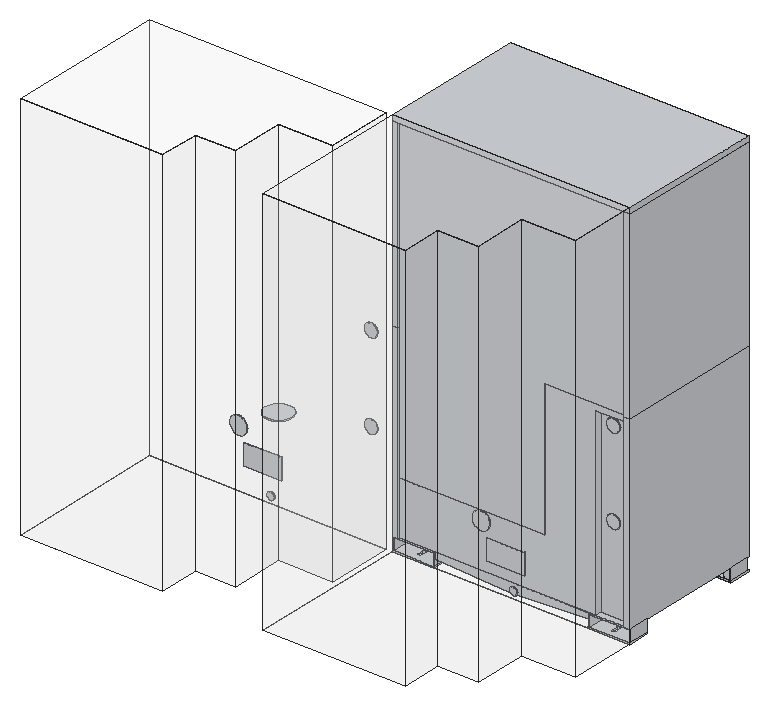
Revit family "pqhy-p224_1000(s)dmg9_60Hz", category 機械設備, Revit 2019 (continued)
Definition of nested family "outline_w"
  Forms (mm)
    Extrusion 1, solid, visible <- "OUTLINE表示", detail levels coarse+medium
      sketch origin (0, 0, 0) x (1, 0, 0) y (0, 1, 0)
        loop
          line (-440, 275) -> (-440, -275) -> (440, -275) -> (440, 275) -> (-440, 275)
      from 0 to 1100 <- "Height"
  Lines and regions (mm)
    model lines, not visible, detail levels fine
      curve 1: line (460, 178.667, 1289.179) -> (460, 297.73, 1289.179)
      curve 2: line (460, 178.667, 1056.056) -> (460, 178.667, 1289.179)
      curve 3: line (460, 297.73, 1056.056) -> (460, 178.667, 1056.056)
      curve 4: line (460, 297.73, 1289.179) -> (460, 297.73, 1056.056)
      curve 5: line (460, 47.598, 1289.179) -> (460, 166.661, 1289.179)
      curve 6: line (460, 47.598, 1056.056) -> (460, 47.598, 1289.179)
      curve 7: line (460, 166.661, 1056.056) -> (460, 47.598, 1056.056)
      curve 8: line (460, 166.661, 1289.179) -> (460, 166.661, 1056.056)
      curve 9: line (460, -83.471, 1289.179) -> (460, 35.592, 1289.179)
      curve 10: line (460, -83.471, 1056.056) -> (460, -83.471, 1289.179)
      curve 11: line (460, 35.592, 1056.056) -> (460, -83.471, 1056.056)
      curve 12: line (460, 35.592, 1289.179) -> (460, 35.592, 1056.056)
      curve 13: line (460, -150.779, 1289.179) -> (460, -95.75, 1289.179)
      curve 14: line (460, -150.779, 1056.056) -> (460, -150.779, 1289.179)
      curve 15: line (460, -95.75, 1056.056) -> (460, -150.779, 1056.056)
      curve 16: line (460, -95.75, 1289.179) -> (460, -95.75, 1056.056)
      curve 17: line (460, -150.779, 1283.175) -> (460, -132.596, 1283.175)
      curve 18: line (460, -150.779, 1062.059) -> (460, -150.779, 1283.175)
      curve 19: line (460, -132.596, 1062.059) -> (460, -150.779, 1062.059)
      curve 20: line (460, -132.596, 1283.175) -> (460, -132.596, 1062.059)
      curve 21: line (460, 178.667, 1046.051) -> (460, 297.73, 1046.051)
      curve 22: line (460, 178.667, 812.928) -> (460, 178.667, 1046.051)
      curve 23: line (460, 297.73, 812.928) -> (460, 178.667, 812.928)
      curve 24: line (460, 297.73, 1046.051) -> (460, 297.73, 812.928)
      curve 25: line (460, 47.598, 1046.051) -> (460, 166.661, 1046.051)
      curve 26: line (460, 47.598, 812.928) -> (460, 47.598, 1046.051)
      curve 27: line (460, 166.661, 812.928) -> (460, 47.598, 812.928)
      curve 28: line (460, 166.661, 1046.051) -> (460, 166.661, 812.928)
      curve 29: line (460, -83.471, 1046.051) -> (460, 35.592, 1046.051)
      curve 30: line (460, -83.471, 812.928) -> (460, -83.471, 1046.051)
      curve 31: line (460, 35.592, 812.928) -> (460, -83.471, 812.928)
      curve 32: line (460, 35.592, 1046.051) -> (460, 35.592, 812.928)
      curve 33: line (460, -150.779, 1046.051) -> (460, -95.75, 1046.051)
      curve 34: line (460, -150.779, 812.928) -> (460, -150.779, 1046.051)
      curve 35: line (460, -95.75, 812.928) -> (460, -150.779, 812.928)
      curve 36: line (460, -95.75, 1046.051) -> (460, -95.75, 812.928)
      curve 37: line (460, -150.779, 1040.048) -> (460, -132.596, 1040.048)
      curve 38: line (460, -150.779, 818.931) -> (460, -150.779, 1040.048)
      curve 39: line (460, -132.596, 818.931) -> (460, -150.779, 818.931)
      curve 40: line (460, -132.596, 1040.048) -> (460, -132.596, 818.931)
      curve 41: line (460, 178.667, 802.923) -> (460, 297.73, 802.923)
      curve 42: line (460, 178.667, 569.8) -> (460, 178.667, 802.923)
      curve 43: line (460, 297.73, 569.8) -> (460, 178.667, 569.8)
      curve 44: line (460, 297.73, 802.923) -> (460, 297.73, 569.8)
      curve 45: line (460, 47.598, 802.923) -> (460, 166.661, 802.923)
      curve 46: line (460, 47.598, 569.8) -> (460, 47.598, 802.923)
      curve 47: line (460, 166.661, 569.8) -> (460, 47.598, 569.8)
      curve 48: line (460, 166.661, 802.923) -> (460, 166.661, 569.8)
      curve 49: line (460, -83.471, 802.923) -> (460, 35.592, 802.923)
      curve 50: line (460, -83.471, 569.8) -> (460, -83.471, 802.923)
      curve 51: line (460, 35.592, 569.8) -> (460, -83.471, 569.8)
      curve 52: line (460, 35.592, 802.923) -> (460, 35.592, 569.8)
      curve 53: line (460, -150.779, 802.923) -> (460, -95.75, 802.923)
      curve 54: line (460, -150.779, 569.8) -> (460, -150.779, 802.923)
      curve 55: line (460, -95.75, 569.8) -> (460, -150.779, 569.8)
      curve 56: line (460, -95.75, 802.923) -> (460, -95.75, 569.8)
      curve 57: line (460, -150.779, 796.92) -> (460, -132.596, 796.92)
      curve 58: line (460, -150.779, 575.803) -> (460, -150.779, 796.92)
      curve 59: line (460, -132.596, 575.803) -> (460, -150.779, 575.803)
      curve 60: line (460, -132.596, 796.92) -> (460, -132.596, 575.803)
      curve 61: line (460, 178.667, 559.795) -> (460, 297.73, 559.795)
      curve 62: line (460, 178.667, 326.672) -> (460, 178.667, 559.795)
      curve 63: line (460, 297.73, 326.672) -> (460, 178.667, 326.672)
      curve 64: line (460, 297.73, 559.795) -> (460, 297.73, 326.672)
      curve 65: line (460, 47.598, 559.795) -> (460, 166.661, 559.795)
      curve 66: line (460, 47.598, 326.672) -> (460, 47.598, 559.795)
      curve 67: line (460, 166.661, 326.672) -> (460, 47.598, 326.672)
      curve 68: line (460, 166.661, 559.795) -> (460, 166.661, 326.672)
      curve 69: line (460, -83.471, 559.795) -> (460, 35.592, 559.795)
      curve 70: line (460, -83.471, 326.672) -> (460, -83.471, 559.795)
      curve 71: line (460, 35.592, 326.672) -> (460, -83.471, 326.672)
      curve 72: line (460, 35.592, 559.795) -> (460, 35.592, 326.672)
      curve 73: line (460, -150.779, 559.795) -> (460, -95.75, 559.795)
      curve 74: line (460, -150.779, 326.672) -> (460, -150.779, 559.795)
      curve 75: line (460, -95.75, 326.672) -> (460, -150.779, 326.672)
      curve 76: line (460, -95.75, 559.795) -> (460, -95.75, 326.672)
      curve 77: line (460, -150.779, 553.792) -> (460, -132.596, 553.792)
      curve 78: line (460, -150.779, 332.675) -> (460, -150.779, 553.792)
      curve 79: line (460, -132.596, 332.675) -> (460, -150.779, 332.675)
      curve 80: line (460, -132.596, 553.792) -> (460, -132.596, 332.675)
      curve 81: line (460, 178.667, 316.667) -> (460, 297.73, 316.667)
      curve 82: line (460, 178.667, 83.544) -> (460, 178.667, 316.667)
      curve 83: line (460, 297.73, 83.544) -> (460, 178.667, 83.544)
      curve 84: line (460, 297.73, 316.667) -> (460, 297.73, 83.544)
      curve 85: line (460, 47.598, 316.667) -> (460, 166.661, 316.667)
      curve 86: line (460, 47.598, 83.544) -> (460, 47.598, 316.667)
      curve 87: line (460, 166.661, 83.544) -> (460, 47.598, 83.544)
      curve 88: line (460, 166.661, 316.667) -> (460, 166.661, 83.544)
      curve 89: line (460, -83.471, 316.667) -> (460, 35.592, 316.667)
      curve 90: line (460, -83.471, 83.544) -> (460, -83.471, 316.667)
      curve 91: line (460, 35.592, 83.544) -> (460, -83.471, 83.544)
      curve 92: line (460, 35.592, 316.667) -> (460, 35.592, 83.544)
      curve 93: line (460, -150.779, 316.667) -> (460, -95.75, 316.667)
      curve 94: line (460, -150.779, 83.544) -> (460, -150.779, 316.667)
      curve 95: line (460, -95.75, 83.544) -> (460, -150.779, 83.544)
      curve 96: line (460, -95.75, 316.667) -> (460, -95.75, 83.544)
      curve 97: line (460, -150.779, 310.664) -> (460, -132.596, 310.664)
      curve 98: line (460, -150.779, 89.547) -> (460, -150.779, 310.664)
      curve 99: line (460, -132.596, 89.547) -> (460, -150.779, 89.547)
      curve 100: line (460, -132.596, 310.664) -> (460, -132.596, 89.547)
  Dimensions and locks
    "Depth": plane 4 to plane 5
    equal spacing: plane 4, plane 1 "中心(正面/背面)", plane 5
    "W": plane 6 to plane 14
    locked: plane 9 "本体下部" to plane 2 at 54
    plane 4 to plane 10 = 740.00 mm
    plane 11 "電源高さ" to level = 262.00 mm
    plane 8 to plane 7 = 303.00 mm
    plane 7 to plane 2 = 797.00 mm
    "Height": plane 8 to plane 2
    level to plane 12 "冷媒管高さ" = 262.00 mm
    locked: plane 9 "本体下部" to plane 13 "冷媒操作弁ガス芯4" at 1
    equal spacing: plane 6, plane 3 "中心(左/右)", plane 14
    plane 17 to level = 262.00 mm
  Automatic sketch dimensions
    plane 4 to Extrusion 1 sketch curve = 0.00 mm
    Extrusion 1 sketch curve to plane 6 = 0.00 mm
    Extrusion 1 sketch curve to plane 14 = 0.00 mm
    plane 5 to Extrusion 1 sketch curve = 0.00 mm
Types (20, lengths in mm): name | 音響パワーレベル(dB) | 電動機出力_圧縮機 | 運転質量 | 製品質量 | 熱源水量 | 消費電力_暖房 | 消費電力_冷房 | 消費電力 | 水熱交換機器　保有水量 | 最小電線太さ_mm2 | 最大電流値 | 暖房能力 | 損失水頭_熱源水一次側 | 推奨ブレーカー容量 | 冷媒液管径 | 冷媒ガス管径 | ユニット2 | 冷房能力 | 冷媒管径符号 | ユニット数 | ユニット2電源幅 | ユニット2ダクト左位置 | ユニット2水配管出口高さ | ユニット2水配管出口幅 | ユニット2水配管入口高さ | ユニット2水配管入口幅 | ユニット2冷媒液管径 | ユニット2冷媒管高さ | ユニット2冷媒管幅 | ユニット2冷媒管奥行き | ユニット2冷媒ガス管径 | ユニット2ドレン幅 | ユニット2表示 | ユニット1 | ユニット1電源幅 | ユニット1ダクト左位置 | ユニット1水配管出口高さ | ユニット1水配管出口幅 | ユニット1水配管入口高さ | ユニット1水配管入口幅 | ユニット1冷媒液管径 | ユニット1冷媒管高さ | ユニット1冷媒管幅 | ユニット1冷媒管奥行き | ユニット1冷媒ガス管径 | ユニット1ドレン幅 | モデル | URL | OUTLINE2 | OUTLINE1 | Height
  PQHY-P224DMG9 | 67 | 5.1 kW | 175.00 kg | 170.00 kg | 5.76 m³/h | 3.57 kW | 4.05 kW | 4.05 kW | 4.6 | 5.5 | 20 A | 25 kW | 24000.0 Pa | 30 A | 9.52 | 19.05 | PQHY-P-DMG② : PQHY-P400DMG9 | 22.4 kW | "Be" | 1 | 555.00 | 394.00 | 208.00 | 77.00 | 124.00 | 77.00 | 9.52 | 149.00 | 463.50 | 91.00 | 19.05 | 435.00 | no | PQHY-P-DMG① : PQHY-P224DMG9 | 555.00 | 394.00 | 208.00 | 77.00 | 124.00 | 77.00 | 9.52 | 149.00 | 463.50 | 91.00 | 19.05 | 435.00 | "PQHY-P224DMG9" | "https://www.mitsubishielectric.co.jp/ldg/wink/qr/002/332008/" | outline_w : outline_s | outline_w : outline_s | 1100.00
  PQHY-P280DMG9 | 68.5 | 7.1 kW | 175.00 kg | 170.00 kg | 5.76 m³/h | 5.43 kW | 6.46 kW | 6.46 kW | 4.6 | 8 | 31.9 A | 31.5 kW | 24000.0 Pa | 40 A | 9.52 | 22.20 | PQHY-P-DMG② : PQHY-P400DMG9 | 28 kW | "Bf" | 1 | 555.00 | 394.00 | 208.00 | 77.00 | 124.00 | 77.00 | 9.52 | 149.00 | 463.50 | 91.00 | 22.20 | 435.00 | no | PQHY-P-DMG① : PQHY-P280DMG9 | 555.00 | 394.00 | 208.00 | 77.00 | 124.00 | 77.00 | 9.52 | 149.00 | 463.50 | 91.00 | 22.20 | 435.00 | "PQHY-P280DMG9" | "https://www.mitsubishielectric.co.jp/ldg/wink/qr/002/332009/" | outline_w : outline_s | outline_w : outline_s | 1100.00
  PQHY-P335DMG9 | 72.5 | 7.9 kW | 175.00 kg | 170.00 kg | 5.76 m³/h | 6.42 kW | 7.59 kW | 7.59 kW | 4.6 | 14 | 37.5 A | 37.5 kW | 24000.0 Pa | 40 A | 9.52 | 22.20 | PQHY-P-DMG② : PQHY-P400DMG9 | 33.5 kW | "Bf" | 1 | 555.00 | 394.00 | 208.00 | 77.00 | 124.00 | 77.00 | 9.52 | 149.00 | 463.50 | 91.00 | 22.20 | 435.00 | no | PQHY-P-DMG① : PQHY-P335DMG9 | 555.00 | 394.00 | 208.00 | 77.00 | 124.00 | 77.00 | 9.52 | 149.00 | 463.50 | 91.00 | 22.20 | 435.00 | "PQHY-P335DMG9" | "https://www.mitsubishielectric.co.jp/ldg/wink/qr/002/332010/" | outline_w : outline_s | outline_w : outline_s | 1100.00
  PQHY-P400DMG9 | 71 | 9.5 kW | 250.00 kg | 245.00 kg | 11.52 m³/h | 6.97 kW | 8.65 kW | 8.65 kW | 9.2 | 14 | 42.7 A | 45 kW | 45000.0 Pa | 50 A | 12.70 | 25.40 | PQHY-P-DMG② : PQHY-P400DMG9 | 40 kW | "Cg" | 1 | 554.00 | 393.00 | 320.00 | 82.00 | 367.00 | 82.00 | 12.70 | 254.00 | 467.50 | 82.00 | 25.40 | 434.00 | no | PQHY-P-DMG② : PQHY-P400DMG9 | 554.00 | 393.00 | 320.00 | 82.00 | 367.00 | 82.00 | 12.70 | 254.00 | 467.50 | 82.00 | 25.40 | 434.00 | "PQHY-P400DMG9" | "https://www.mitsubishielectric.co.jp/ldg/wink/qr/002/332011/" | outline_w : outline_L | outline_w : outline_L | 1450.00
  PQHY-P450DMG9 | 71 | 10.2 kW | 250.00 kg | 245.00 kg | 11.52 m³/h | 7.05 kW | 9.37 kW | 9.37 kW | 9.2 | 14 | 46.3 A | 50 kW | 45000.0 Pa | 50 A | 12.70 | 28.58 | PQHY-P-DMG② : PQHY-P400DMG9 | 45 kW | "Ch" | 1 | 554.00 | 393.00 | 320.00 | 82.00 | 367.00 | 82.00 | 12.70 | 254.00 | 467.50 | 82.00 | 28.58 | 434.00 | no | PQHY-P-DMG② : PQHY-P450DMG9 | 554.00 | 393.00 | 320.00 | 82.00 | 367.00 | 82.00 | 12.70 | 254.00 | 467.50 | 82.00 | 28.58 | 434.00 | "PQHY-P450DMG9" | "https://www.mitsubishielectric.co.jp/ldg/wink/qr/002/332012/" | outline_w : outline_L | outline_w : outline_L | 1450.00
  PQHY-P500DMG9 | 71.5 | 12.3 kW | 250.00 kg | 245.00 kg | 11.52 m³/h | 8.73 kW | 11.9 kW | 11.9 kW | 9.2 | 22 | 58.8 A | 56 kW | 45000.0 Pa | 75 A | 15.88 | 28.58 | PQHY-P-DMG① : PQHY-P224DMG9 | 50 kW | "Dh" | 1 | 554.00 | 393.00 | 320.00 | 82.00 | 367.00 | 82.00 | 15.88 | 254.00 | 467.50 | 82.00 | 28.58 | 434.00 | no | PQHY-P-DMG② : PQHY-P500DMG9 | 554.00 | 393.00 | 320.00 | 82.00 | 367.00 | 82.00 | 15.88 | 254.00 | 467.50 | 82.00 | 28.58 | 434.00 | "PQHY-P500DMG9" | "https://www.mitsubishielectric.co.jp/ldg/wink/qr/002/332013/" | outline_w : outline_L | outline_w : outline_L | 1450.00
  PQHY-P560DMG9 | 72 | 13.3 kW | 250.00 kg | 245.00 kg | 11.52 m³/h | 9.93 kW | 13.9 kW | 13.9 kW | 9.2 | 22 | 64.7 A | 63 kW | 45000.0 Pa | 75 A | 15.88 | 28.58 | PQHY-P-DMG② : PQHY-P400DMG9 | 56 kW | "Dh" | 1 | 554.00 | 393.00 | 320.00 | 82.00 | 367.00 | 82.00 | 15.88 | 254.00 | 467.50 | 82.00 | 28.58 | 434.00 | no | PQHY-P-DMG② : PQHY-P560DMG9 | 554.00 | 393.00 | 320.00 | 82.00 | 367.00 | 82.00 | 15.88 | 254.00 | 467.50 | 82.00 | 28.58 | 434.00 | "PQHY-P560DMG9" | "https://www.mitsubishielectric.co.jp/ldg/wink/qr/002/332076/" | outline_w : outline_L | outline_w : outline_L | 1450.00
  PQHY-P630DMG9 | 73 | 16 kW | 250.00 kg | 245.00 kg | 11.52 m³/h | 11.8 kW | 16.6 kW | 16.6 kW | 9.2 | 22 | 64.7 A | 69 kW | 45000.0 Pa | 75 A | 15.88 | 28.58 | PQHY-P-DMG② : PQHY-P400DMG9 | 63 kW | "Dh" | 1 | 554.00 | 393.00 | 320.00 | 82.00 | 367.00 | 82.00 | 15.88 | 254.00 | 467.50 | 82.00 | 28.58 | 434.00 | no | PQHY-P-DMG② : PQHY-P630DMG9 | 554.00 | 393.00 | 320.00 | 82.00 | 367.00 | 82.00 | 15.88 | 254.00 | 467.50 | 82.00 | 28.58 | 434.00 | "PQHY-P630DMG9" | "https://www.mitsubishielectric.co.jp/ldg/wink/qr/002/332077/" | outline_w : outline_L | outline_w : outline_L | 1450.00
  PQHY-P670DMG9 | 73.5 | 16.1 kW | 250.00 kg | 245.00 kg | 11.52 m³/h | 13.7 kW | 18.1 kW | 18.1 kW | 9.2 | 22 | 64.7 A | 77.5 kW | 45000.0 Pa | 75 A | 15.88 | 28.58 | PQHY-P-DMG② : PQHY-P400DMG9 | 67 kW | "Dh" | 1 | 554.00 | 393.00 | 320.00 | 82.00 | 367.00 | 82.00 | 15.88 | 254.00 | 467.50 | 82.00 | 28.58 | 434.00 | no | PQHY-P-DMG② : PQHY-P670DMG9 | 554.00 | 393.00 | 320.00 | 82.00 | 367.00 | 82.00 | 15.88 | 254.00 | 467.50 | 82.00 | 28.58 | 434.00 | "PQHY-P670DMG9" | "https://www.mitsubishielectric.co.jp/ldg/wink/qr/002/332078/" | outline_w : outline_L | outline_w : outline_L | 1450.00
  PQHY-P450SDMG9 | 70 | 10.2 kW | 350.00 kg | 340.00 kg | 11.52 m³/h | 6.72 kW | 8.45 kW | 8.45 kW | 9.2 | 14 | 41.7 A | 50 kW | 48000.0 Pa | 50 A | 12.70 | 28.58 | PQHY-P-DMG① : PQHY-P224DMG9 | 45 kW | "Ch" | 2 | 555.00 | 394.00 | 208.00 | 77.00 | 124.00 | 77.00 | 9.52 | 149.00 | 463.50 | 91.00 | 19.05 | 435.00 | yes | PQHY-P-DMG① : PQHY-P224DMG9 | 555.00 | 394.00 | 208.00 | 77.00 | 124.00 | 77.00 | 9.52 | 149.00 | 463.50 | 91.00 | 19.05 | 435.00 | "PQHY-P450SDMG9" | "https://www.mitsubishielectric.co.jp/ldg/wink/qr/002/332079/" | outline_w : outline_s | outline_w : outline_s | 1100.00
  PQHY-P500SDMG9 | 71 | 12.2 kW | 350.00 kg | 340.00 kg | 11.52 m³/h | 8.32 kW | 10.5 kW | 10.5 kW | 9.2 | 22 | 51.9 A | 56 kW | 48000.0 Pa | 60 A | 15.88 | 28.58 | PQHY-P-DMG① : PQHY-P224DMG9 | 50 kW | "Dh" | 2 | 555.00 | 394.00 | 208.00 | 77.00 | 124.00 | 77.00 | 9.52 | 149.00 | 463.50 | 91.00 | 19.05 | 435.00 | yes | PQHY-P-DMG① : PQHY-P280DMG9 | 555.00 | 394.00 | 208.00 | 77.00 | 124.00 | 77.00 | 9.52 | 149.00 | 463.50 | 91.00 | 22.20 | 435.00 | "PQHY-P500SDMG9" | "https://www.mitsubishielectric.co.jp/ldg/wink/qr/002/332080/" | outline_w : outline_s | outline_w : outline_s | 1100.00
  PQHY-P560SDMG9 | 71.5 | 14.2 kW | 350.00 kg | 340.00 kg | 11.52 m³/h | 9.47 kW | 12.6 kW | 12.6 kW | 9.2 | 22 | 59 A | 63 kW | 48000.0 Pa | 60 A | 15.88 | 28.58 | PQHY-P-DMG① : PQHY-P280DMG9 | 56 kW | "Dh" | 2 | 555.00 | 394.00 | 208.00 | 77.00 | 124.00 | 77.00 | 9.52 | 149.00 | 463.50 | 91.00 | 22.20 | 435.00 | yes | PQHY-P-DMG① : PQHY-P280DMG9 | 555.00 | 394.00 | 208.00 | 77.00 | 124.00 | 77.00 | 9.52 | 149.00 | 463.50 | 91.00 | 22.20 | 435.00 | "PQHY-P560SDMG9" | "https://www.mitsubishielectric.co.jp/ldg/wink/qr/002/332081/" | outline_w : outline_s | outline_w : outline_s | 1100.00
  PQHY-P630SDMG9 | 74 | 15 kW | 350.00 kg | 340.00 kg | 11.52 m³/h | 11.4 kW | 14.4 kW | 14.4 kW | 9.2 | 38 | 71.1 A | 69 kW | 48000.0 Pa | 75 A | 15.88 | 28.58 | PQHY-P-DMG① : PQHY-P280DMG9 | 63 kW | "Dh" | 2 | 555.00 | 394.00 | 208.00 | 77.00 | 124.00 | 77.00 | 9.52 | 149.00 | 463.50 | 91.00 | 22.20 | 435.00 | yes | PQHY-P-DMG① : PQHY-P335DMG9 | 555.00 | 394.00 | 208.00 | 77.00 | 124.00 | 77.00 | 9.52 | 149.00 | 463.50 | 91.00 | 22.20 | 435.00 | "PQHY-P630SDMG9" | "https://www.mitsubishielectric.co.jp/ldg/wink/qr/002/332082/" | outline_w : outline_s | outline_w : outline_s | 1100.00
  PQHY-P670SDMG9 | 75.5 | 15.8 kW | 350.00 kg | 340.00 kg | 11.52 m³/h | 13.2 kW | 15.2 kW | 15.2 kW | 9.2 | 38 | 75.1 A | 77.5 kW | 48000.0 Pa | 100 A | 15.88 | 28.58 | PQHY-P-DMG① : PQHY-P335DMG9 | 67 kW | "Dh" | 2 | 555.00 | 394.00 | 208.00 | 77.00 | 124.00 | 77.00 | 9.52 | 149.00 | 463.50 | 91.00 | 22.20 | 435.00 | yes | PQHY-P-DMG① : PQHY-P335DMG9 | 555.00 | 394.00 | 208.00 | 77.00 | 124.00 | 77.00 | 9.52 | 149.00 | 463.50 | 91.00 | 22.20 | 435.00 | "PQHY-P670SDMG9" | "https://www.mitsubishielectric.co.jp/ldg/wink/qr/002/332083/" | outline_w : outline_s | outline_w : outline_s | 1100.00
  PQHY-P730SDMG9 | 70.5 | 18 kW | 500.00 kg | 490.00 kg | 23.04 m³/h | 13.2 kW | 16 kW | 16 kW | 18.4 | 38 | 79 A | 82.5 kW | 90000.0 Pa | 100 A | 15.88 | 28.58 | PQHY-P-DMG② : PQHY-P355KDMG9 | 73 kW | "Dh" | 2 | 554.00 | 393.00 | 320.00 | 82.00 | 367.00 | 82.00 | 12.70 | 254.00 | 467.50 | 82.00 | 25.40 | 434.00 | yes | PQHY-P-DMG② : PQHY-P355KDMG9 | 554.00 | 393.00 | 320.00 | 82.00 | 367.00 | 82.00 | 12.70 | 254.00 | 467.50 | 82.00 | 25.40 | 434.00 | "PQHY-P730SDMG9" | "https://www.mitsubishielectric.co.jp/ldg/wink/qr/002/332084/" | outline_w : outline_L | outline_w : outline_L | 1450.00
  PQHY-P775SDMG9 | 74 | 19 kW | 500.00 kg | 490.00 kg | 23.04 m³/h | 14.1 kW | 17.3 kW | 17.3 kW | 18.4 | 60 | 85.5 A | 90 kW | 90000.0 Pa | 100 A | 19.05 | 31.75 | PQHY-P-DMG② : PQHY-P400DMG9 | 77.5 kW | "Ei" | 2 | 554.00 | 393.00 | 320.00 | 82.00 | 367.00 | 82.00 | 12.70 | 254.00 | 467.50 | 82.00 | 25.40 | 434.00 | yes | PQHY-P-DMG② : PQHY-P400DMG9 | 554.00 | 393.00 | 320.00 | 82.00 | 367.00 | 82.00 | 12.70 | 254.00 | 467.50 | 82.00 | 25.40 | 434.00 | "PQHY-P775SDMG9" | "https://www.mitsubishielectric.co.jp/ldg/wink/qr/002/332085/" | outline_w : outline_L | outline_w : outline_L | 1450.00
  PQHY-P850SDMG9 | 74 | 19.7 kW | 500.00 kg | 490.00 kg | 23.04 m³/h | 14.2 kW | 19.1 kW | 19.1 kW | 18.4 | 60 | 94.4 A | 95 kW | 90000.0 Pa | 100 A | 19.05 | 31.75 | PQHY-P-DMG② : PQHY-P400DMG9 | 85 kW | "Ei" | 2 | 554.00 | 393.00 | 320.00 | 82.00 | 367.00 | 82.00 | 12.70 | 254.00 | 467.50 | 82.00 | 25.40 | 434.00 | yes | PQHY-P-DMG② : PQHY-P450DMG9 | 554.00 | 393.00 | 320.00 | 82.00 | 367.00 | 82.00 | 12.70 | 254.00 | 467.50 | 82.00 | 28.58 | 434.00 | "PQHY-P850SDMG9" | "https://www.mitsubishielectric.co.jp/ldg/wink/qr/002/332086/" | outline_w : outline_L | outline_w : outline_L | 1450.00
  PQHY-P900SDMG9 | 74 | 20.4 kW | 500.00 kg | 490.00 kg | 23.04 m³/h | 14.7 kW | 20.3 kW | 20.3 kW | 18.4 | 60 | 100.3 A | 100 kW | 90000.0 Pa | 125 A | 19.05 | 31.75 | PQHY-P-DMG② : PQHY-P450DMG9 | 90 kW | "Ei" | 2 | 554.00 | 393.00 | 320.00 | 82.00 | 367.00 | 82.00 | 12.70 | 254.00 | 467.50 | 82.00 | 28.58 | 434.00 | yes | PQHY-P-DMG② : PQHY-P450DMG9 | 554.00 | 393.00 | 320.00 | 82.00 | 367.00 | 82.00 | 12.70 | 254.00 | 467.50 | 82.00 | 28.58 | 434.00 | "PQHY-P900SDMG9" | "https://www.mitsubishielectric.co.jp/ldg/wink/qr/002/332087/" | outline_w : outline_L | outline_w : outline_L | 1450.00
  PQHY-P950SDMG9 | 74.5 | 22.5 kW | 500.00 kg | 490.00 kg | 23.04 m³/h | 15.9 kW | 22.7 kW | 22.7 kW | 18.4 | 100 | 112.1 A | 106 kW | 90000.0 Pa | 125 A | 19.05 | 38.10 | PQHY-P-DMG② : PQHY-P450DMG9 | 95 kW | "Ek" | 2 | 554.00 | 393.00 | 320.00 | 82.00 | 367.00 | 82.00 | 12.70 | 254.00 | 467.50 | 82.00 | 28.58 | 434.00 | yes | PQHY-P-DMG② : PQHY-P500DMG9 | 554.00 | 393.00 | 320.00 | 82.00 | 367.00 | 82.00 | 15.88 | 254.00 | 467.50 | 82.00 | 28.58 | 434.00 | "PQHY-P950SDMG9" | "https://www.mitsubishielectric.co.jp/ldg/wink/qr/002/332088/" | outline_w : outline_L | outline_w : outline_L | 1450.00
  PQHY-P1000SDMG9 | 74.5 | 24.6 kW | 500.00 kg | 490.00 kg | 23.04 m³/h | 17.5 kW | 24.6 kW | 24.6 kW | 18.4 | 100 | 121.5 A | 112 kW | 90000.0 Pa | 150 A | 19.05 | 38.10 | PQHY-P-DMG② : PQHY-P500DMG9 | 100 kW | "Ek" | 2 | 554.00 | 393.00 | 320.00 | 82.00 | 367.00 | 82.00 | 15.88 | 254.00 | 467.50 | 82.00 | 28.58 | 434.00 | yes | PQHY-P-DMG② : PQHY-P500DMG9 | 554.00 | 393.00 | 320.00 | 82.00 | 367.00 | 82.00 | 15.88 | 254.00 | 467.50 | 82.00 | 28.58 | 434.00 | "PQHY-P1000SDMG9" | "https://www.mitsubishielectric.co.jp/ldg/wink/qr/002/332089/" | outline_w : outline_L | outline_w : outline_L | 1450.00
